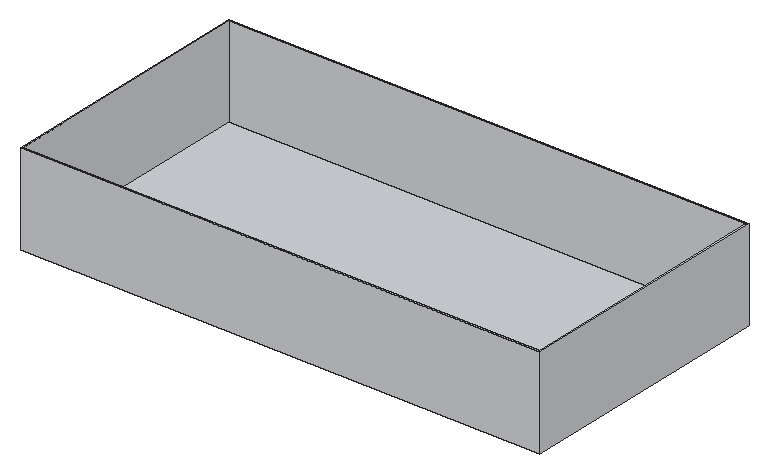
Revit family "Hager-Panelboards-Surface_mounted-IP2XC-Without_Cover-With_DIN-Hosted-IE-en", category Electrical Equipment, host Face, Revit 2023
Family settings
  Host = Face
  Panel Configuration = Two Columns, Circuits Across
  Round Connector Dimension = Use Diameter
  Part Type = Panelboard
  Cut with Voids When Loaded = No
  Maintain Annotation Orientation = Yes
  Shared = No
  Room Calculation Point = No
Parameters (values of type "Panelboards-Surface_mounted_W900_H450_D158_0_Modular_Spacing-JF806E")
  Width Control [instance] = if([HG000006-Flush mounted], if([EF000846 - Built-in width] > min_whd, [EF000846 - Built-in width], min_whd), if([EF000008 - Width] > min_whd, ([EF000008 - Width]), min_whd))  # 900 mm
  Void Depth [instance] = if([HG000006-Flush mounted], Depth Control, 1 mm)  # 1 mm
  Uniformat code = "D501001"
  Uniformat = "Low Tension Service & Dist."
  HG000131 - Functional label [instance] = ""
  HG000130 - Functional name [instance] = ""
  HG000099-Onfly Template ID = "507532"
  Type Comments = ""
  System Height [instance] = Height Control - 2 * [HG000005-Thickness]  # 446 mm
  Reference description = ""
  Reference = "Panelboards-Surface_mounted_W900_H450_D158_0_Modular_Spacing-JF806E"
  Object type = ""
  Name hager = "ADD_Enclosures_EC000214"
  Name BIM&CO = "Electricity"
  Name = "Panelboards-Surface_mounted-IP2XC-Without_Cover-With_DIN-IE"
  Model = ""
  HGEF002950-Width in number of modular spacings = 0
  HGEF000266-Number of rows = 0
  HG000060-RAL-number = "7035"
  HG000059-Operating voltage [instance] = 230 V
  HG000017-Distance between poles = 18 mm
  HG000016-Door 3D visibility = yes
  HG000015-Clearance visibility = yes
  HG000014-Door on the right = yes
  HG000013-Door on the left = not([HG000014-Door on the right])  # no
  HG000012-Door swing angle = 90.00°
  HG000011-Empty rows from bottom = no
  HG000010-Asymmetric doors = no
  HG000009-Double swing door = no
  HG000008-Number of empty rows = 0
  HG000007-Number of empty columns = 0
  HG000006-Flush mounted = no
  HG000005-Thickness = 2 mm
  HG000004-Manufacturer reference = "JF806E"
  HG000003-Range = "Panelboards"
  HG000002-With door or cover = no
  HG000001-Number of columns = 0
  GTIN (Global Trade Item Number) = ""
  ETIM class name = "Small distribution board"
  ETIM class code = "EC000214"
  EF015941 - Signal passing door = no
  EF015777 - Neutral terminal block = no
  EF015776 - Earthing terminal block = yes
  EF009212 - Cover model = ""
  EF006306 - With lock = no
  EF006244 - Transparent cover/door = no
  EF005474 - Degree of protection (IP) = "IP2XC"
  EF004464 - Type of door = ""
  EF004462 - Type of closure = ""
  EF002950 - Width in number of modular spacings = 0
  EF001596 - Housing material = ""
  EF001134 - DIN-rail = yes
  EF001131 - Inner depth = 0 mm
  EF001088 - Extension possible = no
  EF001062 - EMC-version = no
  EF000846 - Built-in width = 0 mm
  EF000339 - Type of covering = ""
  EF000332 - Built-in height = 0 mm
  EF000266 - Number of rows = 0
  EF000218 - Built-in depth = 0 mm
  EF000118 - With mounting plate = no
  EF000116 - RAL-number = 7035
  EF000049 - Depth = 158 mm
  EF000040 - Height = 450 mm
  EF000024 - UV resistant = no
  EF000008 - Width = 900 mm
  EF000007 - Colour = ""
  EF000003 - Mounting method = "Surface mounted"
  Creation Date = "12/17/2025 20:23:40"
  Code hager = "ADD-EC000214_EU"
  BIM&CO code = ""
  BC_VARIANT_ID = "1179179"
  BC_OBJECT_VERSION = "#1"  # constant formula
  BC_OBJECT_ID = "513920"  # constant formula
  BC_MODEL_ID = "1554437"  # constant formula
  Arrow Offset [instance] = Depth Control / 8  # 18.75 mm
  Arrow Height [instance] = Depth Control - Arrow Offset  # 131.25 mm
  Host Offset [instance] = if([HG000006-Flush mounted], 0 mm, [EF000049 - Depth])  # 158 mm
  min_whd [instance] = (2 * [HG000005-Thickness]) + 1 mm  # 5 mm
  Manufacturer = "Hager"  # constant formula
  Height Control [instance] = if([HG000006-Flush mounted], if([EF000332 - Built-in height] > min_whd, [EF000332 - Built-in height], min_whd), if([EF000040 - Height] > min_whd, ([EF000040 - Height]), min_whd))  # 450 mm
  Flush Mounted - Door Frame Width [instance] = if(([EF000040 - Height] - [EF000332 - Built-in height]) > 0 mm, if([HG000006-Flush mounted], [EF000040 - Height] - [EF000332 - Built-in height], 0 mm), 0 mm)  # 0 mm
  Depth Control [instance] = if([HG000006-Flush mounted], if([EF000218 - Built-in depth] > 0 mm, [EF000218 - Built-in depth], 1 mm), if([EF000049 - Depth] > 0 mm, ([EF000049 - Depth]), 1 mm))  # 158 mm
  Default Elevation = 0 mm
Types (2, lengths in mm): name | Reference | HG000004-Manufacturer reference | EF015777 - Neutral terminal block | EF006306 - With lock | EF001088 - Extension possible | EF000040 - Height | BC_VARIANT_ID | Height Control
  Panelboards-Surface_mounted_W900_H300_D158_0_Modular_Spacing-JF805E | "Panelboards-Surface_mounted_W900_H300_D158_0_Modular_Spacing-JF805E" | "JF805E" | yes | yes | yes | 300 | "1179175" | 300
  Panelboards-Surface_mounted_W900_H450_D158_0_Modular_Spacing-JF806E | "Panelboards-Surface_mounted_W900_H450_D158_0_Modular_Spacing-JF806E" | "JF806E" | no | no | no | 450 | "1179179" | 450
Reference planes
  plane 1 "Center (Front/Back)": y = 0
  plane 2: z = 0
  plane 3 "Center (Left/Right)": x = 0
  plane 4: z = 158
  plane 5: y = 2
  plane 6: z = 153
  plane 7: y = 225
  plane 8: y = 0
  plane 9: y = 450
  plane 10: z = 0
  plane 11: x = -450
  plane 12: x = 450
  plane 13: x = 448
  plane 14: x = -448
  plane 15: y = 448
  plane 16: z = 2
  plane 17: z = 156
  plane 18: z = -1
  plane 19: z = 156
  plane 20 "Annotation H": y = -100
  plane 21 "Annotation V": x = 750
Forms (mm)
  Extrusion 1, solid
    sketch origin (-583.045, 0, 1219.2) x (-1, 0, 0) y (0, 0, 1)
      loop
        line (-133.045, -1061.2) -> (-1033.045, -1061.2) -> (-1033.045, -1219.2) -> (-133.045, -1219.2) -> (-133.045, -1061.2)
    from 0 to 450 <- "Height Control"
  Extrusion 2, void
    sketch origin (-381.607, -4572, 158) x (0, -1, 0) y (-1, 0, 0)
      loop
        line (-5020, 66.393) -> (-5020, -829.607) -> (-4574, -829.607) -> (-4574, 66.393) -> (-5020, 66.393)
    from 0 to 156
  Extrusion 3, void
    sketch origin (0, 0, 0) x (1, 0, 0) y (0, 1, 0)
      loop
        line (-450, 0) -> (450, 0) -> (450, 450) -> (-450, 450) -> (-450, 0)
    from -1 to 1
  Extrusion 4, solid, detail levels coarse+medium
    sketch origin (-381.607, -4572, 158) x (-1, 0, 0) y (0, -1, 0)
      loop
        line (66.393, -5020) -> (66.393, -4574) -> (-829.607, -4574) -> (-829.607, -5020) -> (66.393, -5020)
    from 0 to -2
Cuts and joins
  Extrusion 2 cuts Extrusion 1
Dimensions and locks
  plane 4 to plane 6 = 5 mm
  "Host Offset": plane 4 to host face
  "Flush Mounted - Door Frame Width": plane 1 "Center (Front/Back)" to plane 8
  "HG000005-Thickness": plane 5 to plane 8
  locked: connector elem to plane 3 "Center (Left/Right)"
  "Height Control": plane 9 to plane 8
  equal spacing: plane 9, plane 7, plane 8
  locked: connector elem to plane 7
  "Depth Control": plane 4 to plane 10
  "HG000005-Thickness": plane 11 to plane 14
  "HG000005-Thickness": plane 12 to plane 13
  equal spacing: plane 11, plane 3 "Center (Left/Right)", plane 12
  "Width Control": plane 11 to plane 12
  "Arrow Offset": nested 4 to plane 10
  "HG000005-Thickness": plane 9 to plane 15
  "HG000005-Thickness": plane 16 to plane 10
  "HG000005-Thickness": plane 4 to plane 17
  "Void Depth": plane 2 to plane 18
  "HG000005-Thickness": plane 4 to plane 19
  locked: plane 20 "Annotation H" to plane 1 "Center (Front/Back)" at 100
  locked: plane 12 to plane 21 "Annotation V" at 300
  aligned and locked: plane 2 to host face
  aligned and locked: level to host face
  aligned and locked: plane 3 "Center (Left/Right)" to nested 2
  aligned and locked: nested 2 to plane 4
  aligned and locked: nested 2 to plane 8
  aligned and locked: nested 1 to plane 6
  aligned and locked: nested 1 to plane 5
  aligned and locked: nested 4 to plane 11
  aligned and locked: nested 3 to plane 4
  aligned and locked: Extrusion 1 sketch curve to plane 12
  aligned and locked: Extrusion 1 sketch curve to plane 11
  aligned and locked: nested 3 to plane 10
  aligned and locked: plane 10 to Extrusion 1 sketch curve
  aligned and locked: Extrusion 2 sketch curve to plane 5
  aligned and locked: Extrusion 2 sketch curve to plane 15
  aligned and locked: Extrusion 2 sketch curve to plane 14
  aligned and locked: Extrusion 2 sketch curve to plane 13
  aligned and locked: plane 11 to Extrusion 3 sketch curve
  aligned and locked: plane 9 to Extrusion 3 sketch curve
  aligned and locked: Extrusion 3 sketch curve to plane 8
  aligned and locked: plane 12 to Extrusion 3 sketch curve
  aligned and locked: nested 3 to plane 12
  aligned and locked: Extrusion 3 to plane 18
  aligned and locked: Extrusion 2 to plane 16
  aligned and locked: Extrusion 1 sketch curve to plane 4
  aligned and locked: Extrusion 4 to plane 17
  aligned and locked: Extrusion 4 sketch curve to plane 15
  aligned and locked: Extrusion 4 sketch curve to plane 13
  aligned and locked: Extrusion 4 sketch curve to plane 14
  aligned and locked: Extrusion 4 sketch curve to plane 5
  aligned and locked: nested 5 to plane 21 "Annotation V"
  aligned and locked: plane 20 "Annotation H" to nested 5
Automatic sketch dimensions
  host sketch curve to host sketch curve = 1469.727 mm
  host sketch curve to host sketch curve = 1434.803 mm
Nested families
  nested 1: "Hager_Enclosure_System" at (0, 2, 153) x (1, 0, 0) z (0, 1, 0), Depth <- "HG000005-Thickness", Height <- "System Height", Border <- "HG000005-Thickness", Flush_Mounted <- "HG000006-Flush mounted", Row_Module_Multiplicator <- "HGEF002950-Width in number of modular spacings", Total_No_Empty_Rows <- "HG000008-Number of empty rows", Total_No_Rows <- "HGEF000266-Number of rows", Empty_Columns <- "HG000007-Number of empty columns", Width_Control <- "Width Control", Empty_Rows_From_Bottom <- "HG000011-Empty rows from bottom", Distance_Between_Poles <- "HG000017-Distance between poles", Rows_Count <- "HGEF000266-Number of rows", Columns_Count <- "HG000001-Number of columns", Built-in_Width <- "EF000846 - Built-in width", Width <- "EF000008 - Width", type "Hager_Enclosure_System", detail levels fine
    with Width_Control 900 mm, Width 900 mm, Total_No_Rows 0, Total_No_Empty_Rows 0, Total_No_Columns 1, System_Width 896 mm, Rows_Count 0, Rows_Column 0, Row_Module_Multiplicator 0, Panel_4 no, Panel_3 no, Panel_2 no, Panel_1 no, No_Panels_Ctrl 1, Hide_Columns yes, Height 446 mm, Flush_Mounted no, Empty_Rows_From_Bottom no, Empty_Rows_Column 0, Empty_Columns 0, Empty column 4 0, Empty column 3 0, Empty column 2 0, Empty column 1 0, Distance_Between_Poles 18 mm, Depth 2 mm, Columns_Count 0, Column_Width 896 mm, Built-in_Width 0 mm, Border 2 mm
  nested 2: "Hager_Enclosure_Door" at (0, 0, 158) x (1, 0, 0) z (0, 1, 0), Border <- "HG000005-Thickness", Door_Right <- "HG000014-Door on the right", Flush_Mounted <- "HG000006-Flush mounted", Door_Left <- "HG000013-Door on the left", 3d_Door <- "HG000016-Door 3D visibility", Angle <- "HG000012-Door swing angle", Assymetrical <- "HG000010-Asymmetric doors", Double <- "HG000009-Double swing door", Clearance <- "HG000015-Clearance visibility", Door <- "HG000002-With door or cover", Height_Ctrl <- "Height Control", Width_Ctrl <- "Width Control", BuiltIn_Depth <- "EF000218 - Built-in depth", Depth <- "EF000049 - Depth", BuiltIn_Width <- "EF000846 - Built-in width", Height <- "EF000040 - Height", BuiltIn_Height <- "EF000332 - Built-in height", Width <- "EF000008 - Width", Transparent <- "EF006244 - Transparent cover/door", type "Hager_Enclosure_Door", detail levels medium+fine
    with min_wh 5 mm, Width_Ctrl 900 mm, Width 900 mm, Transparent_Door_No_Bottom_Border no, Transparent no, Leaf_Width 893 mm, Leaf_Tolerance 1.5 mm, Leaf_Height 443 mm, Leaf_2_Width 893 mm, Leaf_2_Offset 446.5 mm, Leaf_1_Width 893 mm, Leaf_1_Offset 446.5 mm, Height_Ctrl 450 mm, Height 450 mm, Frame_Width_Ctrl 900 mm, Frame_Width 900 mm, Frame_Internal_Offset 0 mm, Frame_Height_Ctrl 450 mm, Frame_Height 450 mm, Frame_Depth_Ctrl 1 mm, Frame_Depth 0 mm, Flush_Mounted no, Double_Clearance_Ctrl no, Double no, Door_Right_Ctrl no, Door_Right yes, Door_Left_Ctrl no, Door_Left no, Door no, Depth 158 mm, Clearance_Depth 893 mm, Clearance_Ctrl yes, Clearance yes, BuiltIn_Width 0 mm, BuiltIn_Height 0 mm, BuiltIn_Depth 0 mm, Border 2 mm, Assymetrical no, Angle 90.00°, 3d_Door yes
  nested 3: "Hager_Enclosure_Symbol_Triangle" at (-450, 0, 0) x (1, 0, 0) z (0, -1, 0), Depth <- "Depth Control", Width <- "Width Control", type "Hager_Enclosure_Symbol_Triangle"
    with Width_Ctrl 900 mm, Width 900 mm, Depth_Ctrl 158 mm, Depth 158 mm
  nested 4: "Hager_Enclosure_Symbol_Arrow" at (-450, 0, 18.75) x (1, 0, 0) z (0, -1, 0), Height <- "Arrow Height", type "Hager_Enclosure_Symbol_Arrow"
    with Width_Inside 9.844 mm, Width 118.125 mm, Height_Ctrl 131.25 mm, Height 131.25 mm
  nested 5: "Hager_Annotation-HG000130" at (750, -100, 0) x (-1, 0, 0) z (0, 0, 1), HG000130 - Functional name <- "HG000130 - Functional name", type "Hager_Annotation-HG000130"
    with HG000130 - Functional name ""
Connectors
  electrical at (0, 225, 0)
    settings: on plane 10, index 1, voltage 0 V, apparent load 0 VA, apparent load phase1 0 VA, apparent load phase2 0 VA, apparent load phase3 0 VA, power factor 1, load classification "Other", number of poles 1, system type 30, power factor state 1, is connector primary yes, connector utility no, sub classification motor no, connector description ""
Definition of nested family "Hager_Enclosure_Door"
  Parameters (values of type "Hager_Enclosure_Door")
    min_wh [instance] = (2 * Border) + 1 mm  # 11 mm
    Width_Ctrl [instance] = 400 mm
    Width [instance] = 500 mm
    Transparent_Door_No_Bottom_Border [instance] = no
    Transparent [instance] = yes
    Leaf_Width [instance] = if((Width_Ctrl - 2 * Border - 2 * Leaf_Tolerance) > 0 mm, (Width_Ctrl - 2 * Border - 2 * Leaf_Tolerance), min_wh)  # 387 mm
    Leaf_Tolerance [instance] = 1.5 mm  # constant formula
    Leaf_Height [instance] = if((Height_Ctrl - 2 * Border - 2 * Leaf_Tolerance) > 0 mm, (Height_Ctrl - 2 * Border - 2 * Leaf_Tolerance), min_wh)  # 387 mm
    Leaf_2_Width [instance] = if(and(and(Double, Assymetrical), Door_Left), (Leaf_Width / 3) - (Leaf_Tolerance / 2), if(and(and(Double, Assymetrical), Door_Right), (Leaf_Width / 3) * 2 - (Leaf_Tolerance / 2), if(and(Double, not(Assymetrical)), (Leaf_Width / 2) - Leaf_Tolerance, Leaf_Width)))  # 387 mm
    Leaf_2_Offset [instance] = if(and(Double, Assymetrical), Leaf_2_Width / 2, if(and(Double, not(Assymetrical)), Leaf_Width / 4, Leaf_Width / 2))  # 193.5 mm
    Leaf_1_Width [instance] = if(and(and(Double, Assymetrical), Door_Right), (Leaf_Width / 3) - (Leaf_Tolerance / 2), if(and(and(Double, Assymetrical), Door_Left), (Width / 3) * 2 - (Leaf_Tolerance / 2), if(and(Double, not(Assymetrical)), (Leaf_Width / 2) - Leaf_Tolerance, Leaf_Width)))  # 387 mm
    Leaf_1_Offset [instance] = if(and(Double, Assymetrical), Leaf_1_Width / 2, if(and(Double, not(Assymetrical)), Leaf_Width / 4, Leaf_Width / 2))  # 193.5 mm
    Height_Ctrl [instance] = 400 mm
    Height [instance] = 500 mm
    Frame_Width_Ctrl [instance] = if(Frame_Width > 0 mm, Frame_Width, 1 mm)  # 1 mm
    Frame_Width [instance] = Width - BuiltIn_Width  # 0 mm
    Frame_Internal_Offset [instance] = if(Flush_Mounted, Border, 0 mm)  # 5 mm
    Frame_Height_Ctrl [instance] = if(Frame_Height > 0 mm, Frame_Height, 1 mm)  # 1 mm
    Frame_Height [instance] = Height - BuiltIn_Height  # 0 mm
    Frame_Depth_Ctrl [instance] = if(Frame_Depth > 0 mm, Frame_Depth, 1 mm)  # 1 mm
    Frame_Depth [instance] = if(Depth - BuiltIn_Depth > 0 mm, if(Flush_Mounted, Depth - BuiltIn_Depth, 0 mm), 0 mm)  # 0 mm
    Flush_Mounted [instance] = yes
    Double_Clearance_Ctrl [instance] = and(Double, Clearance)  # no
    Double [instance] = no
    Door_Right_Ctrl [instance] = and(or(Door_Right, Double), Door)  # yes
    Door_Right [instance] = yes
    Door_Left_Ctrl [instance] = and(or(Door_Left, Double), Door)  # no
    Door_Left [instance] = no
    Door [instance] = yes
    Depth [instance] = 500 mm
    Default Elevation = 1219.2 mm
    Clearance_Material = none
    Clearance_Depth [instance] = if(Leaf_1_Width > Leaf_2_Width, Leaf_1_Width, Leaf_2_Width)  # 387 mm
    Clearance_Ctrl [instance] = and(not(Double), Clearance)  # yes
    Clearance [instance] = yes
    BuiltIn_Width [instance] = 500 mm
    BuiltIn_Height [instance] = 500 mm
    BuiltIn_Depth [instance] = 500 mm
    Border [instance] = 5 mm
    Assymetrical [instance] = yes
    Angle [instance] = 30.00°
    3d_Door [instance] = yes
  Reference planes
    plane 1 "Center (Front/Back)": y = 0
    plane 2 "Bottom": z = 0
    plane 3 "Center (Left/Right)": x = 0
    plane 4: z = 400
    plane 5: x = -200
    plane 6: x = 200
    plane 7: z = 395
    plane 8: x = -195
    plane 9: z = 5
    plane 10: x = 195
    plane 11: y = 0
    plane 12: z = 6.5
    plane 13: x = -582
    plane 14: y = -387
    plane 15: x = 582
    plane 16: x = 0
    plane 17: x = 0
    plane 18: x = -193.5
    plane 19: x = 193.5
    plane 20: z = 393.5
  Forms (mm)
    Extrusion 1, solid, visible <- "Flush_Mounted"
      sketch origin (0, 0, 0) x (1, 0, 0) y (0, 0, 1)
        loop
          line (195, 5) -> (195, 395) -> (-195, 395) -> (-195, 5) -> (195, 5)
        loop
          line (-201, 401) -> (-201, -1) -> (201, -1) -> (201, 401) -> (-201, 401)
      from 0 to 1 <- "Frame_Depth_Ctrl"
    Extrusion 2, solid, material <- "Clearance_Material", visible <- "Double_Clearance_Ctrl"
      sketch origin (1200, 0, 0) x (1, 0, 0) y (0, 0, -1)
        loop
          line (-1782, -393.5) -> (-618, -393.5) -> (-618, 0) -> (-1782, 0) -> (-1782, -393.5)
      from 0 to -387
  Dimensions and locks
    equal spacing: plane 5, plane 3 "Center (Left/Right)", plane 6
    "Width_Ctrl": plane 5 to plane 6
    "Border": plane 5 to plane 8
    "Border": plane 6 to plane 10
    "Border": plane 9 to level
    "Border": plane 4 to plane 7
    "Height_Ctrl": plane 4 to level
    "Leaf_Tolerance": plane 12 to plane 9
    "Frame_Depth": plane 11 to plane 1 "Center (Front/Back)"
    "Frame_Width_Ctrl": plane 5 to Extrusion 1 sketch curve
    "Frame_Width_Ctrl": plane 6 to Extrusion 1 sketch curve
    "Frame_Width_Ctrl": Extrusion 1 sketch curve to plane 4
    "Frame_Width_Ctrl": plane 2 "Bottom" to Extrusion 1 sketch curve
    "Leaf_1_Offset": plane 18 to plane 16
    "Leaf_2_Offset": plane 17 to plane 19
    "Leaf_1_Width": plane 13 to plane 8
    "Leaf_2_Width": plane 10 to plane 15
    "Clearance_Depth": plane 14 to plane 1 "Center (Front/Back)"
    "Leaf_Tolerance": plane 8 to plane 18
    "Leaf_Tolerance": plane 19 to plane 10
    "Leaf_Tolerance": plane 7 to plane 20
    "Frame_Internal_Offset": plane 5 to Extrusion 1 sketch curve
    "Frame_Internal_Offset": Extrusion 1 sketch curve to plane 2 "Bottom"
    "Frame_Internal_Offset": plane 6 to Extrusion 1 sketch curve
    "Frame_Internal_Offset": plane 4 to Extrusion 1 sketch curve
    aligned and locked: level to plane 2 "Bottom"
    aligned and locked: nested 1 to plane 16
    aligned and locked: nested 2 to plane 17
    aligned and locked: Extrusion 2 to plane 13
    aligned and locked: plane 15 to Extrusion 2
    aligned and locked: Extrusion 2 to plane 14
    aligned and locked: plane 12 to nested 1
    aligned and locked: nested 2 to plane 12
    aligned and locked: Extrusion 2 to plane 11
    aligned and locked: plane 20 to Extrusion 2
    aligned and locked: nested 2 to plane 11
    aligned and locked: nested 1 to plane 11
  Automatic sketch dimensions
    Extrusion 2 sketch curve to level = 0 mm
    plane 5 to Extrusion 2 sketch curve = 382 mm
    plane 6 to Extrusion 2 sketch curve = 382 mm
    Extrusion 2 sketch curve to plane 4 = 6.5 mm
  Nested families
    nested 1: "Hager_Enclosure_Door_Leaf" at (0, 0, 6.5), Width <- "Leaf_1_Width", visible <- "Door_Left_Ctrl", Leaf_Height <- "Leaf_Height", Angle <- "Angle", Depth <- "Border", 3d_Door <- "3d_Door", Transparent <- "Transparent", Clearance Material <- "Clearance_Material", Clearance <- "Clearance_Ctrl", Transparent_Door_No_Bottom_Border <- "Transparent_Door_No_Bottom_Border", type "Hager_Enclosure_Door_Leaf"
      with Width 387 mm, Transparent_Door_No_Bottom_Border no, Transparent_Door_Border_Bottom_Top 25 mm, Transparent_Door_Border 25 mm, Transparent_Ctrl yes, Transparent yes, Standard no, Leaf_Height 387 mm, Glass_Offset 1 mm, Depth 5 mm, Clearance Material none, Clearance yes, Angle_Ctrl 30.00°, Angle 30.00°, 3d_Door yes
    nested 2: "Hager_Enclosure_Door_Leaf" at (0, 0, 6.5) x (-1, 0, 0) z (0, 0, 1), Width <- "Leaf_2_Width", visible <- "Door_Right_Ctrl", Leaf_Height <- "Leaf_Height", Angle <- "Angle", Depth <- "Border", 3d_Door <- "3d_Door", Transparent <- "Transparent", Clearance Material <- "Clearance_Material", Clearance <- "Clearance_Ctrl", Transparent_Door_No_Bottom_Border <- "Transparent_Door_No_Bottom_Border", type "Hager_Enclosure_Door_Leaf"
      with Width 387 mm, Transparent_Door_No_Bottom_Border no, Transparent_Door_Border_Bottom_Top 25 mm, Transparent_Door_Border 25 mm, Transparent_Ctrl yes, Transparent yes, Standard no, Leaf_Height 387 mm, Glass_Offset 1 mm, Depth 5 mm, Clearance Material none, Clearance yes, Angle_Ctrl 30.00°, Angle 30.00°, 3d_Door yes
  Definition of nested family "Hager_Enclosure_Door_Leaf"
    Parameters (values of type "Hager_Enclosure_Door_Leaf")
      Width [instance] = 2000 mm
      Transparent_Door_No_Bottom_Border [instance] = yes
      Transparent_Door_Border_Bottom_Top [instance] = if(Transparent_Door_No_Bottom_Border, 0.1 mm, Transparent_Door_Border)  # 0.1 mm
      Transparent_Door_Border [instance] = if(Transparent_Door_No_Bottom_Border, (Width * 0.12), 25 mm)  # 240 mm
      Transparent_Ctrl [instance] = and(Transparent, [3d_Door])  # yes
      Transparent [instance] = yes
      Standard [instance] = and(not(Transparent), [3d_Door])  # no
      Leaf_Height [instance] = 2720.336 mm
      Glass_Offset [instance] = if((Depth - 10 mm) / 2 > 0 mm, (Depth - 10 mm) / 2, 1 mm)  # 15 mm
      Glass_Material = none
      Depth [instance] = 40 mm
      Default Elevation = 0 mm
      Clearance Material [instance] = none
      Clearance [instance] = yes
      Angle_Ctrl [instance] = if(Angle > 170.00°, 170.00°, Angle)  # 45.00°
      Angle [instance] = 45.00°
      3d_Door [instance] = yes
    Reference planes
      plane 1 "Center (Front/Back)": y = 0
      plane 2: z = 0
      plane 3 "Center (Left/Right)": x = 0
      plane 4: y = 2000
      plane 5: x = -1000
      plane 6: x = 1000
      plane 7: x = -3000
      plane 8: z = 2720.336
      plane 9: z = 0.1
      plane 10: z = 2720.236
      plane 11: x = 760
      plane 12: x = -760
    Forms (mm)
      Extrusion 1, solid, material <- "Clearance Material", visible <- "Clearance"
        sketch origin (0, 0, 0) x (1, 0, 0) y (0, 0, 1)
          loop
            line (-3000, 2720.336) -> (-3000, 0) -> (1000, 0) -> (1000, 2720.336) -> (-3000, 2720.336)
        from 0 to -2000
      Extrusion 2, solid, visible <- "Standard", detail levels medium+fine
        sketch origin (-1000, 0, 0) x (0.707107, 0.707107, 0) y (-0.707107, 0.707107, 0)
          loop
            line (0, -40) -> (2000, -40) -> (2000, 0) -> (0, 0) -> (0, -40)
        from 0 to 2720.336 <- "Leaf_Height"
      Extrusion 3, solid, visible <- "Transparent_Ctrl", detail levels medium+fine
        sketch origin (-1000, 0, 0) x (0.707107, 0.707107, 0) y (-0.707107, 0.707107, 0)
          loop
            line (0, -40) -> (2000, -40) -> (2000, 0) -> (0, 0) -> (0, -40)
        from 0 to 2720.336 <- "Leaf_Height"
      Extrusion 4, void, detail levels medium+fine
        sketch origin (-1000, 0, 0) x (-0.707107, 0.707107, 0) y (0.707107, 0.707107, 0)
          loop
            line (0, 240) -> (0, 1760) -> (-40, 1760) -> (-40, 240) -> (0, 240)
        from -2720.236 to -0.1
      Extrusion 5, solid, material <- "Glass_Material", visible <- "Transparent_Ctrl", detail levels medium+fine
        sketch origin (-1000, 0, 0) x (0.707107, 0.707107, 0) y (-0.707107, 0.707107, 0)
          loop
            line (240, -15) -> (240, -25) -> (1760, -25) -> (1760, -15) -> (240, -15)
        from 0.1 to 2720.236
    Cuts and joins
      Extrusion 4 cuts Extrusion 3
    Lines and regions (mm)
      symbolic lines
        curve 1: line (1000, 0, 0) -> (-3000, 0, 0)
        curve 2: arc (1000, 0, 0) -> (-1000, 2000, 0) -> (-3000, 0, 0) r 2000
        curve 4: line (-1000, 0, 0) -> (414.214, 1414.214, 0)
      reference lines
        curve 3: line (-1000, 0, 0) -> (414.214, 1414.214, 0)
      symbolic lines, detail levels medium+fine
        curve 5: line (414.214, 1414.214, 0) -> (442.498, 1385.929, 0)
        curve 6: line (442.498, 1385.929, 0) -> (-971.716, -28.284, 0)
        curve 7: line (-971.716, -28.284, 0) -> (-1000, 0, 0)
        curve 8: line (-1000, 0, 2720.336) -> (1000, 0, 2720.336)
        curve 9: line (-1000, 0, 0) -> (-1000, 0, 2720.336)
        curve 10: line (1000, 0, 0) -> (-1000, 0, 0)
        curve 11: line (1000, 0, 2720.336) -> (1000, 0, 0)
      symbolic lines, visible <- "Transparent_Ctrl", detail levels medium+fine
        curve 12: line (-760, 0, 2720.236) -> (760, 0, 2720.236)
        curve 13: line (-760, 0, 0.1) -> (-760, 0, 2720.236)
        curve 14: line (760, 0, 0.1) -> (-760, 0, 0.1)
        curve 15: line (760, 0, 2720.236) -> (760, 0, 0.1)
    Dimensions and locks
      "Width": plane 1 "Center (Front/Back)" to plane 4
      equal spacing: plane 5, plane 3 "Center (Left/Right)", plane 6
      "Width": plane 5 to plane 6
      "Width": plane 7 to plane 5
      "Leaf_Height": plane 8 to level
      "Depth": curve 6 to curve 3
      "Width": curve 5 to curve 3
      "Width": curve 3 to curve 3
      "Transparent_Door_Border": Extrusion 4 sketch curve to curve 7
      "Transparent_Door_Border": Extrusion 4 sketch curve to curve 5
      "Transparent_Door_Border_Bottom_Top": plane 8 to plane 10
      "Transparent_Door_Border_Bottom_Top": plane 9 to level
      "Glass_Offset": Extrusion 5 sketch curve to curve 4
      "Glass_Offset": Extrusion 5 sketch curve to curve 6
      "Transparent_Door_Border": Extrusion 5 sketch curve to curve 5
      "Transparent_Door_Border": Extrusion 5 sketch curve to curve 7
      "Transparent_Door_Border": plane 12 to plane 5
      "Transparent_Door_Border": plane 6 to plane 11
      "Angle_Ctrl": angle plane 1 "Center (Front/Back)" to curve 3
      aligned and locked: level to plane 2
      aligned and locked: Extrusion 1 to curve 1
      aligned and locked: plane 6 to Extrusion 1
      aligned and locked: Extrusion 1 to plane 1 "Center (Front/Back)"
      aligned and locked: plane 4 to Extrusion 1
      aligned and locked: plane 8 to Extrusion 1
      aligned and locked: curve 4 to curve 3
      aligned and locked: Extrusion 2 sketch curve to curve 7
      aligned and locked: Extrusion 2 sketch curve to curve 6
      aligned and locked: Extrusion 2 sketch curve to curve 5
      aligned and locked: Extrusion 2 sketch curve to curve 3
      aligned and locked: curve 7 to Extrusion 3 sketch curve
      aligned and locked: Extrusion 3 sketch curve to curve 4
      aligned and locked: Extrusion 3 sketch curve to curve 6
      aligned and locked: Extrusion 3 sketch curve to curve 5
      aligned and locked: curve 4 to Extrusion 4 sketch curve
      aligned and locked: curve 6 to Extrusion 4 sketch curve
      aligned and locked: Extrusion 4 to plane 9
      aligned and locked: Extrusion 4 to plane 10
      aligned and locked: Extrusion 5 to plane 9
      aligned and locked: Extrusion 5 to plane 10
      aligned and locked: curve 8 to plane 8
      aligned and locked: plane 5 to curve 9
      aligned and locked: plane 2 to curve 10
      aligned and locked: curve 11 to plane 6
      aligned and locked: plane 10 to curve 12
      aligned and locked: plane 12 to curve 13
      aligned and locked: curve 14 to plane 9
      aligned and locked: plane 11 to curve 15
    Automatic sketch dimensions
      plane 1 "Center (Front/Back)" to curve 2 = 0 mm
      curve 2 to plane 5 = 0 mm
      Extrusion 1 sketch curve to level = 0 mm
      Extrusion 1 sketch curve to plane 7 = 0 mm
      Extrusion 1 sketch curve to plane 6 = 0 mm
      Extrusion 1 sketch curve to plane 8 = 0 mm
      plane 1 "Center (Front/Back)" to curve 3 = 0 mm
      curve 3 to plane 5 = 0 mm
      curve 7 to curve 3 = 0 mm
Definition of nested family "Hager_Enclosure_Symbol_Triangle"
  Parameters (values of type "Hager_Enclosure_Symbol_Triangle")
    Width_Ctrl [instance] = if(Width > 1 mm, Width, 1 mm)  # 498 mm
    Width [instance] = 498 mm
    Depth_Ctrl [instance] = if(Depth > 1 mm, Depth, 1 mm)  # 72 mm
    Depth [instance] = 72 mm
  Reference planes
    plane 1 "Centre (avant/arrière)": y = 0
    plane 2: z = 0
    plane 3 "Centre (gauche/droite)": x = 0
  Lines and regions (mm)
    Filled region 1, type "Solid_Black", in view "Niveau de réf."
      outline origin (0, 0, 0) x (1, 0, 0) y (0, 1, 0)
        loop
          line (0, 0) -> (498, 0) -> (498, 72) -> (0, 0)
    reference lines, in view "Niveau de réf."
      curve 1: line (-206.153, 72, 0) -> (1083.258, 72, 0)
      curve 2: line (498, 405.456, 0) -> (498, -517.619, 0)
  Dimensions and locks
    "Depth_Ctrl": plane 1 "Centre (avant/arrière)" to curve 1
    "Width_Ctrl": plane 3 "Centre (gauche/droite)" to curve 2
    aligned and locked: curve 1 to Filled region 1 sketch curve
    aligned and locked: Filled region 1 sketch curve to plane 1 "Centre (avant/arrière)"
    aligned and locked: curve 2 to Filled region 1 sketch curve
    aligned and locked: plane 3 "Centre (gauche/droite)" to Filled region 1 sketch curve
    aligned and locked: plane 1 "Centre (avant/arrière)" to Filled region 1 sketch curve
  Automatic sketch dimensions
    curve 1 to plane 3 "Centre (gauche/droite)" = 206.153 mm
    curve 2 to curve 1 = 585.258 mm
    plane 1 "Centre (avant/arrière)" to curve 2 = 517.619 mm
    curve 2 to plane 1 "Centre (avant/arrière)" = 405.456 mm
Definition of nested family "Hager_Enclosure_Symbol_Arrow"
  Parameters (values of type "Hager_Enclosure_Symbol_Arrow")
    Width_Inside [instance] = if(Width / 12 > 2 mm, Width / 12, 2 mm)  # 4.987 mm
    Width [instance] = if(Height_Ctrl * 0.9 > 2 mm, Height_Ctrl * 0.9, 2 mm)  # 59.85 mm
    Height_Ctrl [instance] = if(Height > 2 mm, Height, 2 mm)  # 66.5 mm
    Height [instance] = 66.5 mm
  Reference planes
    plane 1 "Centre (avant/arrière)": y = 0
    plane 2: z = 0
    plane 3 "Centre (gauche/droite)": x = 0
    plane 4: x = 59.85
    plane 5: y = 28.263
    plane 6: y = 38.238
    plane 7: y = 66.5
    plane 8: x = 29.925
    plane 9: y = 33.25
  Lines and regions (mm)
    Filled region 1, type "Solid_Black", in view "Niveau de réf."
      outline origin (0, 0, 0) x (1, 0, 0) y (0, 1, 0)
        loop
          line (59.85, 66.5) -> (37.929, 52.827) -> (51.846, 41.935) -> (59.85, 66.5)
    detail lines, in view "Niveau de réf."
      curve 1: line (0, 0, 0) -> (29.925, 38.238, 0)
      curve 2: line (29.925, 38.238, 0) -> (29.925, 28.263, 0)
      curve 3: line (29.925, 28.263, 0) -> (59.85, 66.5, 0)
  Dimensions and locks
    "Width": plane 3 "Centre (gauche/droite)" to plane 4
    "Height_Ctrl": plane 7 to plane 1 "Centre (avant/arrière)"
    equal spacing: plane 3 "Centre (gauche/droite)", plane 8, plane 4
    equal spacing: plane 7, plane 9, plane 1 "Centre (avant/arrière)"
    equal spacing: plane 6, plane 9, plane 5
    "Width_Inside": plane 6 to plane 9
    equal spacing: curve 3, Filled region 1 sketch curve, Filled region 1 sketch curve
    angle Filled region 1 sketch curve to curve 3 = 20.00°
    angle curve 3 to Filled region 1 sketch curve = 20.00°
    locked: curve 3 to Filled region 1 sketch curve (angle 90.00°)
  Automatic sketch dimensions
    plane 1 "Centre (avant/arrière)" to curve 1 = 0 mm
    curve 1 to plane 3 "Centre (gauche/droite)" = 0 mm
    curve 2 to plane 6 = 0 mm
    curve 3 to plane 8 = 0 mm
    curve 3 to plane 4 = 0 mm
    curve 2 to plane 5 = 0 mm
    curve 3 to plane 7 = 0 mm
    Filled region 1 sketch curve to plane 4 = 0 mm
    Filled region 1 sketch curve to plane 7 = 0 mm
Definition of nested family "Hager_Annotation-HG000130"
  Parameters (values of type "Hager_Annotation-HG000130")
    HG000130 - Functional name [instance] = ""
  Reference planes
    plane 1: y = 0
    plane 2: x = 0
  Lines and regions (mm)
    detail lines
      curve 1: line (-27.5, 10, 0) -> (27.5, 10, 0)
      curve 2: line (-27.5, -10, 0) -> (-27.5, 10, 0)
      curve 3: line (27.5, -10, 0) -> (-27.5, -10, 0)
      curve 4: line (27.5, 10, 0) -> (27.5, -10, 0)
  Text (mm)
    label "HG000130 - Functional name" at (0.16, 0.026, 0), shows "HG000130 - Functional name"
